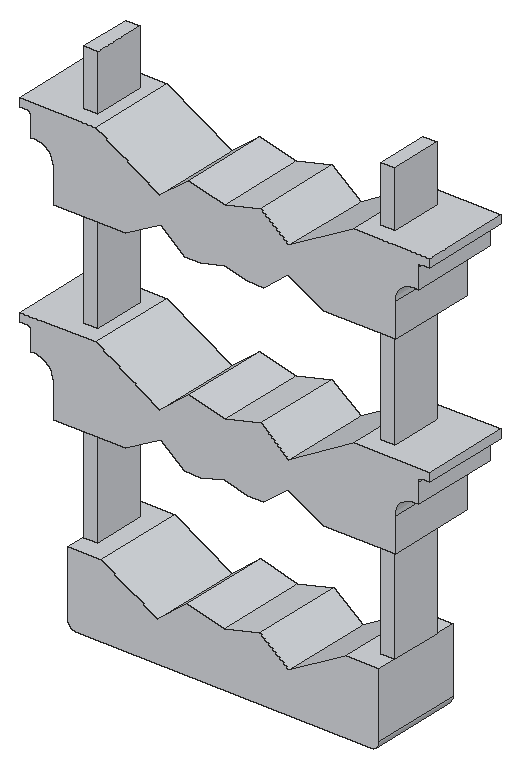
Revit family "550-2112", category Pipe Accessories, Revit 2017
Family settings
  Round Connector Dimension = Use Diameter
  Part Type = Normal
  Work Plane-Based = No
  Always vertical = Yes
  Cut with Voids When Loaded = No
  Shared = No
Parameters
  URL = "WWW.SIOUXCHIEF.COM"
  Spread Distance 2 [instance] = 1.000"
  Spread Distance [instance] = 1.000"
  Model = "550-2112"
  Manufacturer = "SIOUX CHIEF MANUFACTURING, INC."
  Description = "TD+ UNIVERSAL CLAMPS"
Reference planes (in)
  plane 1 "Center (Front/Back)": y = 0
  plane 2: z = 0
  plane 3 "Center (Left/Right)": x = 0
Forms (in)
  Extrusion 1, solid
    sketch origin (0, 0, 0) x (1, 0, 0) y (0, 1, 0)
      loop
        line (-1.4375, 0.24262) -> (-1.4375, -0.24262) -> (-1.3125, -0.24262) -> (-1.3125, 0.24262) -> (-1.4375, 0.24262)
    from 0.679 to 4.75
  Extrusion 2, solid
    sketch origin (0, 0, 0) x (-1, 0, 0) y (0, -1, 0)
      loop
        line (-1.4375, -0.24262) -> (-1.3125, -0.24262) -> (-1.3125, 0.24262) -> (-1.4375, 0.24262) -> (-1.4375, -0.24262)
    from 0.679 to 4.75
  Extrusion 3, solid
    sketch origin (0, 0.39993, 0) x (1, 0, 0) y (0, 0, 1)
      loop
        arc (1.365, 0) -> (1.4162, 0.0212) -> (1.4374, 0.0724) r 0.0724
        line (1.4374, 0.0724) -> (1.4374, 0.679) -> (1.1346, 0.679) -> (0.6041, 0.3762) -> (0.3361, 0.5915) -> (0, 0.50643) -> (-0.3361, 0.5915) -> (-0.6041, 0.3762) -> (-1.1346, 0.679) -> (-1.4374, 0.679) -> (-1.4374, 0.0724)
        arc (-1.4374, 0.0724) -> (-1.4162, 0.0212) -> (-1.365, 0) r 0.0724
        line (-1.365, 0) -> (1.365, 0)
    from -0.02514 to 0.825
  Extrusion 4, solid
    sketch origin (0, 0.25, 0.45011) x (1, 0, 0) y (0, 0, 1)
      loop
        line (-0.00363, 1.28449) -> (0.2179, 1.22889) -> (0.3651, 1.22889) -> (0.5873, 1.41219) -> (0.9151, 1.22889) -> (1.5817, 1.22889) -> (1.5817, 1.54282)
        arc (1.5817, 1.54282) -> (1.64704, 1.67873) -> (1.794, 1.71259) r 0.17403
        line (1.794, 1.71259) -> (1.794, 1.90206)
        arc (1.794, 1.90206) -> (1.80256, 1.92273) -> (1.82323, 1.93129) r 0.02923
        line (1.82323, 1.93129) -> (1.894, 1.93129) -> (1.894, 2.00699) -> (1.1924, 2.00699) -> (0.5952, 1.65979) -> (0.3319, 1.87079) -> (0, 1.78749) -> (-0.3319, 1.87079) -> (-0.5952, 1.65979) -> (-1.1924, 2.00699) -> (-1.894, 2.00699) -> (-1.894, 1.93129) -> (-1.82323, 1.93129)
        arc (-1.82323, 1.93129) -> (-1.80256, 1.92273) -> (-1.794, 1.90206) r 0.02923
        line (-1.794, 1.90206) -> (-1.794, 1.71259)
        arc (-1.794, 1.71259) -> (-1.64704, 1.67873) -> (-1.5817, 1.54282) r 0.17403
        line (-1.5817, 1.54282) -> (-1.5817, 1.22889) -> (-0.9151, 1.22889) -> (-0.5873, 1.41219) -> (-0.3651, 1.22889) -> (-0.2179, 1.22889) -> (0, 1.28357)
    from -0.1625 to 0.6625
  Extrusion 5, solid, not visible
    sketch origin (0, 0.25, 0) x (1, 0, 0) y (0, 0, 1)
      loop
        line (-0.00363, 1.28449) -> (0.2179, 1.22889) -> (0.3651, 1.22889) -> (0.5873, 1.41219) -> (0.9151, 1.22889) -> (1.5817, 1.22889) -> (1.5817, 1.54282)
        arc (1.5817, 1.54282) -> (1.64704, 1.67873) -> (1.794, 1.71259) r 0.17403
        line (1.794, 1.71259) -> (1.794, 1.90206)
        arc (1.794, 1.90206) -> (1.80256, 1.92273) -> (1.82323, 1.93129) r 0.02923
        line (1.82323, 1.93129) -> (1.894, 1.93129) -> (1.894, 2.00699) -> (1.1924, 2.00699) -> (0.5952, 1.65979) -> (0.3319, 1.87079) -> (0, 1.78749) -> (-0.3319, 1.87079) -> (-0.5952, 1.65979) -> (-1.1924, 2.00699) -> (-1.894, 2.00699) -> (-1.894, 1.93129) -> (-1.82323, 1.93129)
        arc (-1.82323, 1.93129) -> (-1.80256, 1.92273) -> (-1.794, 1.90206) r 0.02923
        line (-1.794, 1.90206) -> (-1.794, 1.71259)
        arc (-1.794, 1.71259) -> (-1.64704, 1.67873) -> (-1.5817, 1.54282) r 0.17403
        line (-1.5817, 1.54282) -> (-1.5817, 1.22889) -> (-0.9151, 1.22889) -> (-0.5873, 1.41219) -> (-0.3651, 1.22889) -> (-0.2179, 1.22889) -> (0, 1.28357)
    from -0.1625 to 0.6625
  Extrusion 6, solid, not visible
    sketch origin (0, 0, 0) x (1, 0, 0) y (0, 1, 0)
      loop
        line (-1.4375, 0.24262) -> (-1.4375, -0.24262) -> (-1.3125, -0.24262) -> (-1.3125, 0.24262) -> (-1.4375, 0.24262)
    from 0.679 to 4.75
  Extrusion 7, solid, not visible
    sketch origin (0, 0, 0) x (-1, 0, 0) y (0, -1, 0)
      loop
        line (-1.4375, -0.24262) -> (-1.3125, -0.24262) -> (-1.3125, 0.24262) -> (-1.4375, 0.24262) -> (-1.4375, -0.24262)
    from 0.679 to 4.75
  Extrusion 8, solid, not visible
    sketch origin (0, 0.39993, 0) x (1, 0, 0) y (0, 0, 1)
      loop
        arc (1.365, 0) -> (1.4162, 0.0212) -> (1.4374, 0.0724) r 0.0724
        line (1.4374, 0.0724) -> (1.4374, 0.679) -> (1.1346, 0.679) -> (0.6041, 0.3762) -> (0.3361, 0.5915) -> (0, 0.50643) -> (-0.3361, 0.5915) -> (-0.6041, 0.3762) -> (-1.1346, 0.679) -> (-1.4374, 0.679) -> (-1.4374, 0.0724)
        arc (-1.4374, 0.0724) -> (-1.4162, 0.0212) -> (-1.365, 0) r 0.0724
        line (-1.365, 0) -> (1.365, 0)
    from -0.02514 to 0.825
  Extrusion 9, solid
    sketch origin (0, 0.25, 2.22821) x (1, 0, 0) y (0, 0, 1)
      loop
        line (-0.00363, 1.28449) -> (0.2179, 1.22889) -> (0.3651, 1.22889) -> (0.5873, 1.41219) -> (0.9151, 1.22889) -> (1.5817, 1.22889) -> (1.5817, 1.54282)
        arc (1.5817, 1.54282) -> (1.64704, 1.67873) -> (1.794, 1.71259) r 0.17403
        line (1.794, 1.71259) -> (1.794, 1.90206)
        arc (1.794, 1.90206) -> (1.80256, 1.92273) -> (1.82323, 1.93129) r 0.02923
        line (1.82323, 1.93129) -> (1.894, 1.93129) -> (1.894, 2.00699) -> (1.1924, 2.00699) -> (0.5952, 1.65979) -> (0.3319, 1.87079) -> (0, 1.78749) -> (-0.3319, 1.87079) -> (-0.5952, 1.65979) -> (-1.1924, 2.00699) -> (-1.894, 2.00699) -> (-1.894, 1.93129) -> (-1.82323, 1.93129)
        arc (-1.82323, 1.93129) -> (-1.80256, 1.92273) -> (-1.794, 1.90206) r 0.02923
        line (-1.794, 1.90206) -> (-1.794, 1.71259)
        arc (-1.794, 1.71259) -> (-1.64704, 1.67873) -> (-1.5817, 1.54282) r 0.17403
        line (-1.5817, 1.54282) -> (-1.5817, 1.22889) -> (-0.9151, 1.22889) -> (-0.5873, 1.41219) -> (-0.3651, 1.22889) -> (-0.2179, 1.22889) -> (0, 1.28357)
    from -0.1625 to 0.6625
Dimensions and locks (in)
  locked: Extrusion 1 sketch curve to Extrusion 1 sketch curve at 0.48523
  locked: Extrusion 1 sketch curve to Extrusion 1 sketch curve at 0.125
  Extrusion 2 sketch curve to Extrusion 2 sketch curve = 0.48523"
  locked: Extrusion 2 sketch curve to Extrusion 2 sketch curve at 0.48523
  locked: Extrusion 2 sketch curve to Extrusion 2 sketch curve at 0.125
  equal spacing: Extrusion 3, plane 1 "Center (Front/Back)", Extrusion 3
  locked: Extrusion 1 to level at 4.75
  locked: Extrusion 2 to level at 4.75
  locked: Extrusion 4 to Extrusion 4 at 0.825
  equal spacing: Extrusion 4, plane 1 "Center (Front/Back)", Extrusion 4
  locked: Extrusion 6 sketch curve to Extrusion 6 sketch curve at 0.48523
  locked: Extrusion 6 sketch curve to Extrusion 6 sketch curve at 0.125
  Extrusion 7 sketch curve to Extrusion 7 sketch curve = 0.48523"
  locked: Extrusion 7 sketch curve to Extrusion 7 sketch curve at 0.48523
  locked: Extrusion 7 sketch curve to Extrusion 7 sketch curve at 0.125
  "Spread Distance": Extrusion 3 to Extrusion 4
  locked: Extrusion 9 to Extrusion 9 at 0.825
  Extrusion 9 to Extrusion 9 = 0.825"
  "Spread Distance 2": Extrusion 9 to Extrusion 4
  aligned and locked: plane 2 to level
  aligned and locked: Extrusion 1 to Extrusion 3
  aligned and locked: Extrusion 2 to Extrusion 3
  aligned and locked: Extrusion 3 to level
Automatic sketch dimensions
  Extrusion 3 sketch curve to Extrusion 3 sketch curve = 0.268"  (x2)
  Extrusion 3 sketch curve to Extrusion 3 sketch curve = 0.5305"  (x2)
  Extrusion 3 sketch curve to Extrusion 3 sketch curve = 0.2304"  (x2)
  Extrusion 3 sketch curve to Extrusion 3 sketch curve = 0.2153"  (x2)
  Extrusion 3 sketch curve to Extrusion 3 sketch curve = 0.3028"  (x2)
  Extrusion 4 sketch curve to Extrusion 4 sketch curve = 0.1472"  (x2)
  Extrusion 4 sketch curve to Extrusion 4 sketch curve = 0.2222"  (x2)
  Extrusion 4 sketch curve to Extrusion 4 sketch curve = 0.0079"  (x2)
  Extrusion 4 sketch curve to Extrusion 4 sketch curve = 0.3278"  (x2)
  Extrusion 4 sketch curve to Extrusion 4 sketch curve = 0.5972"  (x2)
  Extrusion 4 sketch curve to Extrusion 4 sketch curve = 0.6666"  (x2)
  Extrusion 4 sketch curve to Extrusion 4 sketch curve = 0.17403"  (x2)
  Extrusion 4 sketch curve to Extrusion 4 sketch curve = 0.03827"  (x2)
  Extrusion 4 sketch curve to Extrusion 4 sketch curve = 0.02923"  (x2)
  Extrusion 4 sketch curve to Extrusion 4 sketch curve = 0.07077"  (x2)
  Extrusion 4 sketch curve to Extrusion 4 sketch curve = 0.000"  (x3)
  Extrusion 4 sketch curve to Extrusion 4 sketch curve = 0.1833"  (x2)
  Extrusion 4 sketch curve to Extrusion 4 sketch curve = 0.31393"  (x2)
  Extrusion 4 sketch curve to Extrusion 4 sketch curve = 0.2476"  (x2)
  Extrusion 4 sketch curve to Extrusion 4 sketch curve = 0.5586"
  Extrusion 4 sketch curve to Extrusion 4 sketch curve = 0.211"  (x2)
  Extrusion 4 sketch curve to Extrusion 4 sketch curve = 0.18947"  (x2)
  Extrusion 4 sketch curve to Extrusion 4 sketch curve = 0.46417"  (x2)
  Extrusion 4 sketch curve to Extrusion 4 sketch curve = 0.05469"
  Extrusion 3 sketch curve to Extrusion 3 sketch curve = 0.0724"  (x2)
  Extrusion 3 sketch curve to Extrusion 3 sketch curve = 0.3361"  (x2)
  Extrusion 3 sketch curve to Extrusion 3 sketch curve = 0.3038"  (x2)
  Extrusion 3 sketch curve to Extrusion 3 sketch curve = 0.08507"
  Extrusion 4 sketch curve to Extrusion 4 sketch curve = 0.2633"  (x2)
  Extrusion 4 sketch curve to Extrusion 4 sketch curve = 0.3319"
  Extrusion 4 sketch curve to Extrusion 4 sketch curve = 0.4358"
  Extrusion 4 sketch curve to Extrusion 4 sketch curve = 0.21427"
  Extrusion 4 sketch curve to Extrusion 4 sketch curve = 0.00363"
  Extrusion 5 sketch curve to Extrusion 5 sketch curve = 0.1472"  (x2)
  Extrusion 5 sketch curve to Extrusion 5 sketch curve = 0.2222"  (x2)
  Extrusion 5 sketch curve to Extrusion 5 sketch curve = 0.0079"  (x2)
  Extrusion 5 sketch curve to Extrusion 5 sketch curve = 0.3278"  (x2)
  Extrusion 5 sketch curve to Extrusion 5 sketch curve = 0.5972"  (x2)
  Extrusion 5 sketch curve to Extrusion 5 sketch curve = 0.6666"  (x2)
  Extrusion 5 sketch curve to Extrusion 5 sketch curve = 0.17403"  (x2)
  Extrusion 5 sketch curve to Extrusion 5 sketch curve = 0.03827"  (x2)
  Extrusion 5 sketch curve to Extrusion 5 sketch curve = 0.02923"  (x2)
  Extrusion 5 sketch curve to Extrusion 5 sketch curve = 0.07077"  (x2)
  Extrusion 5 sketch curve to Extrusion 5 sketch curve = 0.000"  (x3)
  Extrusion 5 sketch curve to Extrusion 5 sketch curve = 0.1833"  (x2)
  Extrusion 5 sketch curve to Extrusion 5 sketch curve = 0.31393"  (x2)
  Extrusion 5 sketch curve to Extrusion 5 sketch curve = 0.2476"  (x2)
  Extrusion 5 sketch curve to Extrusion 5 sketch curve = 0.5586"
  Extrusion 5 sketch curve to Extrusion 5 sketch curve = 0.211"  (x2)
  Extrusion 5 sketch curve to Extrusion 5 sketch curve = 0.18947"  (x2)
  Extrusion 5 sketch curve to Extrusion 5 sketch curve = 0.46417"  (x2)
  Extrusion 5 sketch curve to Extrusion 5 sketch curve = 0.05469"
  Extrusion 5 sketch curve to Extrusion 5 sketch curve = 0.2633"  (x2)
  Extrusion 5 sketch curve to Extrusion 5 sketch curve = 0.3319"
  Extrusion 5 sketch curve to Extrusion 5 sketch curve = 0.4358"
  Extrusion 5 sketch curve to Extrusion 5 sketch curve = 0.21427"
  Extrusion 5 sketch curve to Extrusion 5 sketch curve = 0.00363"
  Extrusion 8 sketch curve to Extrusion 8 sketch curve = 0.268"  (x2)
  Extrusion 8 sketch curve to Extrusion 8 sketch curve = 0.5305"  (x2)
  Extrusion 8 sketch curve to Extrusion 8 sketch curve = 0.2304"  (x2)
  Extrusion 8 sketch curve to Extrusion 8 sketch curve = 0.2153"  (x2)
  Extrusion 8 sketch curve to Extrusion 8 sketch curve = 0.3028"  (x2)
  Extrusion 8 sketch curve to Extrusion 8 sketch curve = 0.0724"  (x2)
  Extrusion 8 sketch curve to Extrusion 8 sketch curve = 0.3361"  (x2)
  Extrusion 8 sketch curve to Extrusion 8 sketch curve = 0.3038"  (x2)
  Extrusion 8 sketch curve to Extrusion 8 sketch curve = 0.08507"
  Extrusion 9 sketch curve to Extrusion 9 sketch curve = 0.1472"  (x2)
  Extrusion 9 sketch curve to Extrusion 9 sketch curve = 0.2222"  (x2)
  Extrusion 9 sketch curve to Extrusion 9 sketch curve = 0.0079"  (x2)
  Extrusion 9 sketch curve to Extrusion 9 sketch curve = 0.3278"  (x2)
  Extrusion 9 sketch curve to Extrusion 9 sketch curve = 0.5972"  (x2)
  Extrusion 9 sketch curve to Extrusion 9 sketch curve = 0.6666"  (x2)
  Extrusion 9 sketch curve to Extrusion 9 sketch curve = 0.17403"  (x2)
  Extrusion 9 sketch curve to Extrusion 9 sketch curve = 0.03827"  (x2)
  Extrusion 9 sketch curve to Extrusion 9 sketch curve = 0.02923"  (x2)
  Extrusion 9 sketch curve to Extrusion 9 sketch curve = 0.07077"  (x2)
  Extrusion 9 sketch curve to Extrusion 9 sketch curve = 0.000"  (x3)
  Extrusion 9 sketch curve to Extrusion 9 sketch curve = 0.1833"  (x2)
  Extrusion 9 sketch curve to Extrusion 9 sketch curve = 0.31393"  (x2)
  Extrusion 9 sketch curve to Extrusion 9 sketch curve = 0.2476"  (x2)
  Extrusion 9 sketch curve to Extrusion 9 sketch curve = 0.5586"
  Extrusion 9 sketch curve to Extrusion 9 sketch curve = 0.211"  (x2)
  Extrusion 9 sketch curve to Extrusion 9 sketch curve = 0.18947"  (x2)
  Extrusion 9 sketch curve to Extrusion 9 sketch curve = 0.46417"  (x2)
  Extrusion 9 sketch curve to Extrusion 9 sketch curve = 0.05469"
  Extrusion 9 sketch curve to Extrusion 9 sketch curve = 0.2633"  (x2)
  Extrusion 9 sketch curve to Extrusion 9 sketch curve = 0.3319"
  Extrusion 9 sketch curve to Extrusion 9 sketch curve = 0.4358"
  Extrusion 9 sketch curve to Extrusion 9 sketch curve = 0.21427"
  Extrusion 9 sketch curve to Extrusion 9 sketch curve = 0.00363"
